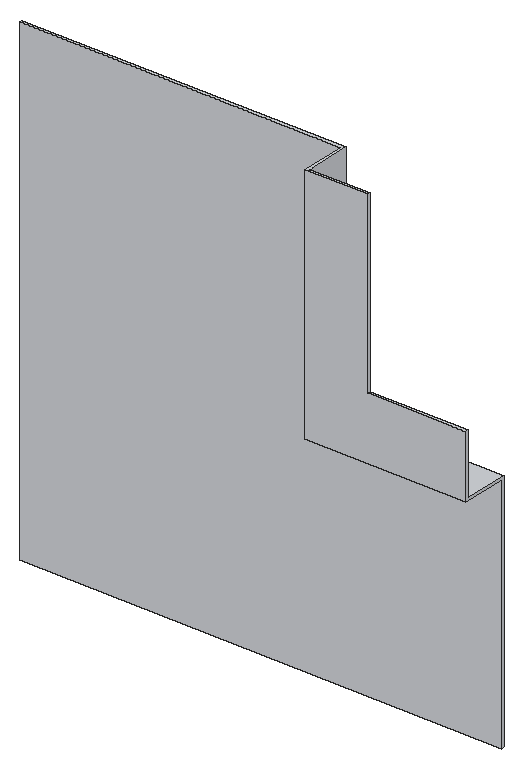
Revit family "Flashing_Preformed_Hyload_WindowCorner", category Generic Models, Revit 2014
Parameters (values of type "As Specified")
  Unit Width = 0' - 7 1/8"
  Unit Height = 0' - 6"
  Unit Depth = 0' - 6"
  URL = "http://www.hyload.com/"
  Thickness = 0' - 0 1/16"
  Specification = "http://www.arcat.com/sdspecs/htm04/07_65_00hyl.htm"
  Sales Information = "http://www.hyload.com/contact-us"
  Revision = "R1_12-2015"
  Product Properties = "http://www.hyload.com/masonry-flashing/preformed-shapes/"
  Product Data = "http://www.arcat.com/arcatcos/cos33/arc33176.html"
  Model = "Window Corner"
  Manufacturer Website = "http://www.hyload.com/"
  Manufacturer Phone - Toll Free = "800-457-4056"
  Manufacturer Phone = "330-769-3546"
  Manufacturer Fax = "330-769-4153"
  Manufacturer Address = "5020 Panther Pkwy., Seville, OH 44273"
  Manufacturer = "Hyload"
  Keynote = "07 65 00"
  Flashing Material = Hyload Flashing Membrane - Grey
  Drawn By = "Robert S. Weygant / Sumex Design"
  Description = "Preformed Hyload Masonry Flashing - Window Corner"
  Copyright = "(c) ARCAT, Inc, 2015"
  Construction Details = "http://www.arcat.com/details/hyload/hyload.html?coid=33176"
  Assembly Code = "B3010400"
Reference planes (in)
  plane 1 "Center (Front/Back)": y = 0
  plane 2: z = 0
  plane 3 "Center (Left/Right)": x = 0
  plane 4: x = 4
  plane 5: z = 6
  plane 6: y = -1.125
  plane 7: z = 12
  plane 8: x = -8
Forms (in)
  Sweep 1, solid
    path origin (0, 0, 0) x (1, 0, 0) y (0, 0, 1)
      loop
        line (4, 6) -> (0, 6) -> (0, 12)
    profile origin (2, 0, 6) x (0, 0, -1) y (0, -1, 0)
      loop
        line (0, 0) -> (0, 1.125) -> (-1.5625, 1.125) -> (-1.5625, 1.0625) -> (-0.0625, 1.0625) -> (-0.0625, -0.0625) -> (6, -0.0625) -> (6, 0) -> (0, 0)
  Extrusion 2, solid
    sketch origin (0, 0, 0) x (1, 0, 0) y (0, 0, 1)
      loop
        line (-8, 12) -> (-8, 0) -> (-6, 0) -> (-6, 12) -> (-8, 12)
    from -0.0625 to 0
Cuts and joins
  joined: Sweep 1, Extrusion 2
Dimensions and locks (in)
  "Unit Height": plane 5 to level
  plane 1 "Center (Front/Back)" to plane 6 = 0' - 1 1/8"
  plane 7 to level = 1' - 0"
  plane 4 to plane 3 "Center (Left/Right)" = 0' - 4"
  plane 4 to plane 8 = 1' - 0"
  aligned and locked: plane 2 to level
  aligned and locked: plane 3 "Center (Left/Right)" to Sweep 1 sketch curve
  aligned and locked: plane 5 to Sweep 1 sketch curve  (x2)
  aligned and locked: Sweep 1 sketch curve to plane 6
  aligned and locked: Sweep 1 sketch curve to level
  aligned and locked: plane 7 to Sweep 1 sketch curve
  aligned and locked: Extrusion 2 sketch curve to plane 7
  aligned and locked: plane 8 to Extrusion 2 sketch curve
  aligned and locked: Sweep 1 to Extrusion 2 sketch curve
  aligned and locked: Extrusion 2 sketch curve to Sweep 1
  aligned and locked: Sweep 1 to Extrusion 2
  aligned and locked: plane 1 "Center (Front/Back)" to Extrusion 2
Automatic sketch dimensions
  profile plane to Sweep 1 sketch curve = 0' - 1 9/16"
  profile plane to Sweep 1 sketch curve = 0' - 0 1/16"
  Sweep 1 sketch curve to Sweep 1 sketch curve = 0' - 0 1/16"  (x2)
  Sweep 1 sketch curve to plane 1 "Center (Front/Back)" = 0' - 0"
  Sweep 1 sketch curve to plane 4 = 0' - 0"
